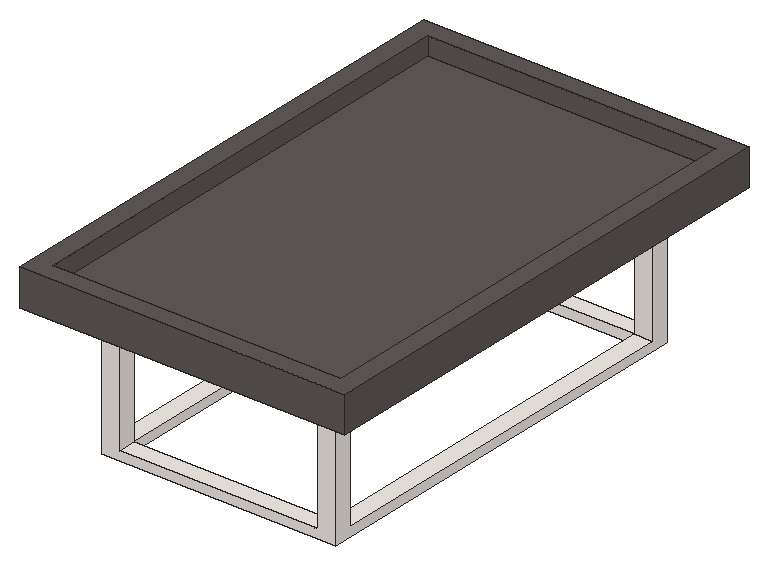
Revit family "Mesa de centro quadrada", category Furniture, Revit 2016
Family settings
  OmniClass Number = 23.40.20.00
  OmniClass Title = General Furniture and Specialties
  Work Plane-Based = No
  Always vertical = Yes
  Cut with Voids When Loaded = No
  Shared = No
  Room Calculation Point = No
Parameters
  Tampo = madeira
  Largura [instance] = 56 cm
  Comprimento [instance] = 36 cm
  Base = Metal
Reference planes (cm)
  plane 1 "Center Front/Back": y = 244.6176
  plane 2: z = 0
  plane 3 "Center Left/Right": x = 44.3828
  plane 4: x = 62.3828
  plane 5: x = 26.3828
  plane 6: y = 216.6176
  plane 7: y = 272.6176
Forms (cm)
  Extrusion 1, solid, material "Metal" <- "Base"
    sketch origin (10, -4.9624, 0) x (1, 0, 0) y (0, 1, 0)
      loop
        line (47.3828, 272.58) -> (21.3828, 272.58) -> (21.3828, 226.58) -> (47.3828, 226.58) -> (47.3828, 272.58)
      loop
        line (45.3828, 270.58) -> (23.3828, 270.58) -> (23.3828, 228.58) -> (45.3828, 228.58) -> (45.3828, 270.58)
    from 1 to 2
  Extrusion 2, solid, material "madeira" <- "Tampo"
    sketch origin (0, 0, 0) x (1, 0, 0) y (0, 1, 0)
      loop
        line (26.3828, 272.6176) -> (26.3828, 216.6176) -> (62.3828, 216.6176) -> (62.3828, 272.6176) -> (26.3828, 272.6176)
    from 16 to 20
  Extrusion 3, solid, material "Metal" <- "Base"
    sketch origin (10, -4.9624, 2) x (1, 0, 0) y (0, 1, 0)
      loop
        line (21.3828, 226.58) -> (23.3828, 226.58) -> (23.3828, 228.58) -> (21.3828, 228.58) -> (21.3828, 226.58)
      loop
        line (47.3828, 226.58) -> (47.3828, 228.58) -> (45.3828, 228.58) -> (45.3828, 226.58) -> (47.3828, 226.58)
      loop
        line (21.3828, 272.58) -> (21.3828, 270.58) -> (23.3828, 270.58) -> (23.3828, 272.58) -> (21.3828, 272.58)
      loop
        line (47.3828, 272.58) -> (45.3828, 272.58) -> (45.3828, 270.58) -> (47.3828, 270.58) -> (47.3828, 272.58)
    from 0 to 13
  Extrusion 4, solid, material "Metal" <- "Base"
    sketch origin (10, -4.9624, 13) x (1, 0, 0) y (0, 1, 0)
      loop
        line (47.3828, 272.58) -> (21.3828, 272.58) -> (21.3828, 226.58) -> (47.3828, 226.58) -> (47.3828, 272.58)
      loop
        line (45.3828, 270.58) -> (23.3828, 270.58) -> (23.3828, 228.58) -> (45.3828, 228.58) -> (45.3828, 270.58)
    from 2 to 3
  Extrusion 5, void
    sketch origin (0, 0, 0) x (1, 0, 0) y (0, 1, 0)
      loop
        line (28.3828, 218.6176) -> (60.3828, 218.6176) -> (60.3828, 270.6176) -> (28.3828, 270.6176) -> (28.3828, 218.6176)
    from 18 to 25
Cuts and joins
  Extrusion 5 cuts Extrusion 1
  Extrusion 5 cuts Extrusion 3
  Extrusion 5 cuts Extrusion 4
  joined: Extrusion 1, Extrusion 3, Extrusion 4
  Extrusion 5 cuts Extrusion 2
Dimensions and locks (cm)
  cut or joined group of Extrusion 2, Extrusion 5 to cut or joined group of Extrusion 2, Extrusion 5 = 2 cm
  locked: cut or joined group of Extrusion 2, Extrusion 5 to cut or joined group of Extrusion 2, Extrusion 5 at 2  (x3)
  "Largura": plane 7 to plane 6
  "Comprimento": plane 5 to plane 4
  equal spacing: plane 7, plane 1 "Center Front/Back", plane 6
  equal spacing: plane 5, plane 3 "Center Left/Right", plane 4
  aligned and locked: level to plane 2
  aligned and locked: Extrusion 2 sketch curve to plane 7
Automatic sketch dimensions
  plane 5 to Extrusion 1 sketch curve = 5 cm
  Extrusion 1 sketch curve to Extrusion 1 sketch curve = 2 cm  (x4)
  Extrusion 1 sketch curve to plane 4 = 7 cm
  plane 6 to Extrusion 1 sketch curve = 5 cm
  Extrusion 1 sketch curve to plane 7 = 7 cm
  Extrusion 2 sketch curve to plane 5 = 0 cm
  Extrusion 2 sketch curve to plane 4 = 0 cm
  Extrusion 2 sketch curve to plane 6 = 0 cm
  plane 5 to Extrusion 3 sketch curve = 5 cm  (x2)
  Extrusion 3 sketch curve to Extrusion 3 sketch curve = 2 cm  (x8)
  Extrusion 3 sketch curve to plane 4 = 7 cm  (x2)
  plane 6 to Extrusion 3 sketch curve = 5 cm  (x2)
  Extrusion 3 sketch curve to plane 7 = 7 cm  (x2)
  plane 5 to Extrusion 4 sketch curve = 5 cm
  Extrusion 4 sketch curve to Extrusion 4 sketch curve = 2 cm  (x4)
  Extrusion 4 sketch curve to plane 4 = 7 cm
  plane 6 to Extrusion 4 sketch curve = 5 cm
  Extrusion 4 sketch curve to plane 7 = 7 cm
  plane 5 to Extrusion 5 sketch curve = 2 cm
  Extrusion 5 sketch curve to plane 4 = 2 cm
  plane 6 to Extrusion 5 sketch curve = 2 cm
  Extrusion 5 sketch curve to plane 7 = 2 cm
